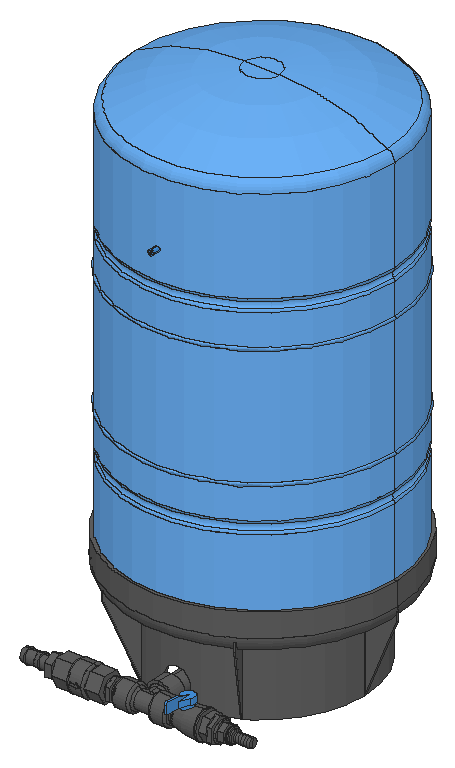
Revit family "QF-Buffer_Tank-OptiPure-16G BUFF_HF_.5IN OUT", category Specialty Equipment, Revit 2017
Family settings
  Round Connector Dimension = Use Diameter
  Part Type = Normal
  OmniClass Number = 23.40.40.14
  OmniClass Title = Food Service Equipment
  Work Plane-Based = No
  Always vertical = Yes
  Cut with Voids When Loaded = No
  Shared = No
  Room Calculation Point = No
Parameters (values of type "16G BUFF-HF-.5 IN_OUT")
  Width = 15.62109"
  Valve Material = Plastic
  URL = "WWW.OPTIPUREWATER.COM"
  Model = "16G BUFF-HF-.5 IN_OUT"
  Material = Black Plastic
  Manufacturer = "OPTIPURE"
  Keynote = "11400"
  Height = 30.35156"
  Filtered Water Supply Size = 1/2"
  Filtered Water In = 0.375"
  Description = "BUFFER TANK"
  Length = 15.62109"
  Assembly Code = "E1090300"
Reference planes (in)
  plane 1 "Center (Front/Back)": y = 0
  plane 2: z = 0
  plane 3 "Center (Left/Right)": x = 0
  plane 4: y = -7.81055
  plane 5: x = 7.81055
  plane 6: x = -7.81055
  plane 7: z = 30.35156
  plane 8: y = 7.81055
  plane 9: y = -7.5007
Forms (in)
  Revolve 1, solid, material "Black Plastic" <- "Material"
    sketch origin (0, 0, 0) x (1, 0, 0) y (0, 0, 1)
      loop
        line (0, 30.35129) -> (-0.99796, 30.35129)
        arc (-0.99796, 30.35129) -> (-4.22906, 29.9436) -> (-7.25761, 28.74609) r 13.00769
        arc (-7.25761, 28.74609) -> (-7.52254, 28.47271) -> (-7.61914, 28.10449) r 0.75008
        line (-7.61914, 28.10449) -> (-7.61914, 22.70872)
        arc (-7.61914, 22.70872) -> (-7.60232, 22.62131) -> (-7.56059, 22.54269) r 0.3
        arc (-7.56059, 22.54269) -> (-7.49872, 22.35789) -> (-7.55552, 22.17147) r 0.32
        arc (-7.55552, 22.17147) -> (-7.60279, 22.08442) -> (-7.61914, 21.98673) r 0.3
        line (-7.61914, 21.98673) -> (-7.61914, 20.20325)
        arc (-7.61914, 20.20325) -> (-7.68165, 20.10352) -> (-7.61914, 20.00378) r 0.11081
        line (-7.61914, 20.00378) -> (-7.61914, 13.20391)
        arc (-7.61914, 13.20391) -> (-7.68165, 13.10417) -> (-7.61914, 13.00444) r 0.11081
        line (-7.61914, 13.00444) -> (-7.61914, 11.22344)
        arc (-7.61914, 11.22344) -> (-7.60232, 11.13603) -> (-7.56059, 11.0574) r 0.3
        arc (-7.56059, 11.0574) -> (-7.49872, 10.8726) -> (-7.55552, 10.68618) r 0.32
        arc (-7.55552, 10.68618) -> (-7.60279, 10.59914) -> (-7.61914, 10.50145) r 0.3
        line (-7.61914, 10.50145) -> (-7.61914, 6.60156) -> (0, 6.60156) -> (0, 30.35129)
      axis (0, 6.60156) -> (0, 30.35129)
    angle from 0 to 360
  Extrusion 2, solid, material "Black Plastic" <- "Material"
    sketch origin (0, 0, 0) x (1, 0, 0) y (0, 0, 1)
      loop
        line (-5.93055, 0) -> (-5.93055, 3.64063) -> (-7.32903, 4.42198)
        arc (-7.32903, 4.42198) -> (-7.60303, 4.65347) -> (-7.77039, 4.97073) r 0.94007
        line (-7.77039, 4.97073) -> (-7.77039, 4.46094) -> (-5.93055, 0)
    from -0.03125 to 0.03125
  Extrusion 3, solid, material "Black Plastic" <- "Material"
    sketch origin (0, 0, 0) x (-1, 0, 0) y (0, 0, -1)
      loop
        line (-5.93055, 0) -> (-7.77039, -4.46094) -> (-7.77039, -4.97073)
        arc (-7.77039, -4.97073) -> (-7.60303, -4.65347) -> (-7.32903, -4.42198) r 0.94007
        line (-7.32903, -4.42198) -> (-5.93055, -3.64063) -> (-5.93055, 0)
    from -0.03125 to 0.03125
  Extrusion 4, solid, material "Black Plastic" <- "Material"
    sketch origin (0, 0, 0) x (0.492682, 0.870209, 0) y (0, 0, 1)
      loop
        line (-5.93055, 0) -> (-5.93055, 3.64063) -> (-7.32903, 4.42198)
        arc (-7.32903, 4.42198) -> (-7.60303, 4.65347) -> (-7.77039, 4.97073) r 0.94007
        line (-7.77039, 4.97073) -> (-7.77039, 4.46094) -> (-5.93055, 0)
    from -0.03125 to 0.03125
  Extrusion 5, solid, material "Black Plastic" <- "Material"
    sketch origin (0, 0, 0) x (-0.492682, -0.870209, 0) y (0, 0, -1)
      loop
        line (-5.93055, 0) -> (-7.77039, -4.46094) -> (-7.77039, -4.97073)
        arc (-7.77039, -4.97073) -> (-7.60303, -4.65347) -> (-7.32903, -4.42198) r 0.94007
        line (-7.32903, -4.42198) -> (-5.93055, -3.64063) -> (-5.93055, 0)
    from -0.03125 to 0.03125
  Extrusion 6, solid, material "Black Plastic" <- "Material"
    sketch origin (0, 0, 0) x (0.492682, -0.870209, 0) y (0, 0, 1)
      loop
        line (-5.93055, 0) -> (-5.93055, 3.64063) -> (-7.32903, 4.42198)
        arc (-7.32903, 4.42198) -> (-7.60303, 4.65347) -> (-7.77039, 4.97073) r 0.94007
        line (-7.77039, 4.97073) -> (-7.77039, 4.46094) -> (-5.93055, 0)
    from -0.03125 to 0.03125
  Extrusion 7, solid, material "Black Plastic" <- "Material"
    sketch origin (0, 0, 0) x (-0.492682, 0.870209, 0) y (0, 0, -1)
      loop
        line (-5.93055, 0) -> (-7.77039, -4.46094) -> (-7.77039, -4.97073)
        arc (-7.77039, -4.97073) -> (-7.60303, -4.65347) -> (-7.32903, -4.42198) r 0.94007
        line (-7.32903, -4.42198) -> (-5.93055, -3.64063) -> (-5.93055, 0)
    from -0.03125 to 0.03125
  Extrusion 8, solid, material "Plastic" <- "Valve Material"
    sketch origin (12.81055, -7.61914, 48) x (1, 0, 0) y (0, 0, 1)
      loop
        circle (-12.81055, -23.64844) r 0.15
      loop
        circle (-12.81055, -23.64844) r 0.1
    from -0.03148 to 0.42188
  Revolve 9, solid, material "Black Plastic" <- "Material"
    sketch origin (12.10609, -8.00055, 47.02) x (1, 0, 0) y (0, 0, 1)
      loop
        line (-6.24055, -46) -> (-6.24055, -45.76) -> (-6.4007, -45.74) -> (-6.4007, -45.77125) -> (-6.56086, -45.74) -> (-6.56086, -45.77125) -> (-6.72102, -45.74) -> (-6.72102, -45.77125) -> (-6.88117, -45.74) -> (-6.88117, -45.77125) -> (-7.04055, -45.74) -> (-7.04055, -45.77125) -> (-7.21242, -45.77125) -> (-7.21242, -45.64844) -> (-7.34133, -45.64844) -> (-7.34133, -45.57031) -> (-7.41945, -45.57031) -> (-7.41945, -45.67969) -> (-7.45852, -45.67969) -> (-7.45852, -45.57031) -> (-7.56008, -45.57031) -> (-7.56008, -46) -> (-6.24055, -46)
      loop
        line (-7.95852, -46) -> (-7.95852, -45.46289)
        arc (-7.95852, -45.46289) -> (-7.97739, -45.41732) -> (-8.02297, -45.39844) r 0.06445
        line (-8.02297, -45.39844) -> (-8.08742, -45.39844) -> (-8.08742, -46) -> (-7.95852, -46)
      loop
        line (-9.01711, -46) -> (-9.01711, -45.17969)
        arc (-9.01711, -45.17969) -> (-9.75177, -45.24065) -> (-10.46633, -45.42188) r 4.45706
        line (-10.46633, -45.42188) -> (-10.53664, -45.42188) -> (-10.53664, -45.48047) -> (-10.73586, -45.48047) -> (-10.73586, -45.36523)
        arc (-10.73586, -45.36523) -> (-10.77212, -45.28626) -> (-10.85109, -45.25) r 0.125
        line (-10.85109, -45.25) -> (-11.61086, -45.25)
        arc (-11.61086, -45.25) -> (-11.69925, -45.28661) -> (-11.73586, -45.375) r 0.125
        arc (-11.73586, -45.375) -> (-11.77247, -45.46339) -> (-11.86086, -45.5) r 0.125
        line (-11.86086, -45.5) -> (-12.71242, -45.5)
        arc (-12.71242, -45.5) -> (-12.80081, -45.46339) -> (-12.83742, -45.375) r 0.125
        arc (-12.83742, -45.375) -> (-12.87403, -45.28661) -> (-12.96242, -45.25) r 0.125
        line (-12.96242, -45.25) -> (-13.72219, -45.25)
        arc (-13.72219, -45.25) -> (-13.80116, -45.28626) -> (-13.83742, -45.36523) r 0.125
        line (-13.83742, -45.36523) -> (-13.83742, -45.46875) -> (-14.03664, -45.46094) -> (-14.03664, -46) -> (-9.01711, -46)
      loop
        line (-19.38055, -45.62891) -> (-19.38055, -46) -> (-17.77898, -46) -> (-17.77898, -45.57813)
        arc (-17.77898, -45.57813) -> (-17.79386, -45.61403) -> (-17.82977, -45.62891) r 0.05078
        line (-17.82977, -45.62891) -> (-18.32977, -45.62891) -> (-18.32977, -45.57813) -> (-18.57977, -45.62891) -> (-19.13055, -45.62891) -> (-19.13055, -45.57813) -> (-19.38055, -45.62891)
      loop
        line (-17.40008, -45.46875) -> (-17.40008, -46) -> (-17.20086, -46) -> (-17.20086, -45.46875) -> (-17.40008, -45.46875)
      loop
        line (-16.32977, -45.24609) -> (-16.32977, -46) -> (-15.32977, -46) -> (-15.32977, -45.24609)
        arc (-15.32977, -45.24609) -> (-15.36638, -45.15771) -> (-15.45477, -45.12109) r 0.125
        line (-15.45477, -45.12109) -> (-16.20477, -45.12109)
        arc (-16.20477, -45.12109) -> (-16.29315, -45.15771) -> (-16.32977, -45.24609) r 0.125
      loop
        line (-14.45867, -45.46875) -> (-14.45867, -46) -> (-14.25945, -46) -> (-14.25945, -45.46094) -> (-14.45867, -45.46875)
      axis (-19.38055, -46) -> (-6.24055, -46)
    angle from 0 to 360
  Extrusion 10, solid, material "Black Plastic" <- "Material"
    sketch origin (4.54602, -8.00055, 1.02) x (0, 0, 1) y (0, 1, 0)
      loop
        line (0.53, 0) -> (0.265, 0.45899) -> (-0.265, 0.45899) -> (-0.53, 0) -> (-0.265, -0.45899) -> (0.265, -0.45899) -> (0.53, 0)
    from 0 to 0.39844
  Extrusion 11, solid, material "Black Plastic" <- "Material"
    sketch origin (4.01867, -8.00055, 1.02) x (0, 0, 1) y (0, 1, 0)
      loop
        line (0.75, 0) -> (0.375, 0.64952) -> (-0.375, 0.64952) -> (-0.75, 0) -> (-0.375, -0.64952) -> (0.375, -0.64952) -> (0.75, 0)
    from 0 to 0.28125
  Extrusion 12, solid, material "Black Plastic" <- "Material"
    sketch origin (3.73742, -8.00055, 1.02) x (0, 0, 1) y (0, 1, 0)
      loop
        line (0, -0.74) -> (0.64086, -0.37) -> (0.64086, 0.37) -> (0, 0.74) -> (-0.64086, 0.37) -> (-0.64086, -0.37) -> (0, -0.74)
    from 0 to 0.5
  Extrusion 13, solid, material "Black Plastic" <- "Material"
    sketch origin (3.23742, -8.00055, 1.02) x (0, 0, 1) y (0, 1, 0)
      loop
        circle (0, 0) r 0.81
    from 0 to 0.14844
  Extrusion 14, solid, material "Black Plastic" <- "Material"
    sketch origin (-5.29398, -8.00055, 1.02) x (0, 0, 1) y (0, 1, 0)
      loop
        line (0.34641, 0.6) -> (-0.34641, 0.6) -> (-0.69282, 0) -> (-0.34641, -0.6) -> (0.34641, -0.6) -> (0.69282, 0) -> (0.34641, 0.6)
    from 0 to 0.37891
  Extrusion 15, solid, material "Black Plastic" <- "Material"
    sketch origin (-5.09477, -8.00055, 1.02) x (0, 1, 0) y (0, 0, 1)
      loop
        line (-0.42147, 0.73) -> (-0.84293, 0) -> (-0.42147, -0.73) -> (0.42147, -0.73) -> (0.84293, 0) -> (0.42147, 0.73) -> (-0.42147, 0.73)
    from 0 to 0.87111
  Extrusion 16, solid, material "Black Plastic" <- "Material"
    sketch origin (-3.22369, -8.00055, 1.02) x (0, 1, 0) y (0, 0, 1)
      loop
        line (-0.42147, 0.73) -> (-0.84293, 0) -> (-0.42147, -0.73) -> (0.42147, -0.73) -> (0.84293, 0) -> (0.42147, 0.73) -> (-0.42147, 0.73)
    from 0 to 0.87111
  Extrusion 17, solid, material "Black Plastic" <- "Material"
    sketch origin (-1.93055, -8.00055, 1.02) x (0, 0, 1) y (0, 1, 0)
      loop
        line (0.34641, 0.6) -> (-0.34641, 0.6) -> (-0.69282, 0) -> (-0.34641, -0.6) -> (0.34641, -0.6) -> (0.69282, 0) -> (0.34641, 0.6)
    from 0 to 0.22281
  Revolve 18, solid, material "Black Plastic" <- "Material"
    sketch origin (-0.18055, -180, 1.02) x (0, 0, -1) y (0, -1, 0)
      loop
        line (0, -180) -> (0, -171.99945) -> (-0.46875, -171.99945) -> (-0.46875, -172.64367)
        arc (-0.46875, -172.64367) -> (-0.50422, -172.7293) -> (-0.58984, -172.76477) r 0.12109
        line (-0.58984, -172.76477) -> (-0.75, -172.76477) -> (-0.75, -173.67883) -> (-0.52875, -173.67883) -> (-0.52875, -173.78039)
        arc (-0.52875, -173.78039) -> (-0.54486, -173.78938) -> (-0.56, -173.79992) r 0.18665
        line (-0.56, -173.79992) -> (-0.56, -180) -> (0, -180)
      axis (0, -180) -> (0, -171.99945)
    angle from 0 to 360
  Revolve 19, solid, material "Black Plastic" <- "Material"
    sketch origin (0, 0, 0) x (1, 0, 0) y (0, 0, 1)
      loop
        line (0, 6.60156) -> (-7.81058, 6.60156) -> (-7.81058, 5.24265)
        arc (-7.81058, 5.24265) -> (-7.6813, 4.76689) -> (-7.32903, 4.42198) r 0.94007
        line (-7.32903, 4.42198) -> (-5.93055, 3.64063) -> (-5.93055, 0) -> (-5.78211, 0) -> (-5.78211, 3.64063) -> (0, 3.64063) -> (0, 6.60156)
      axis (0, 6.60156) -> (0, 0)
    angle from 0 to 360
  Extrusion 20, solid, material "Black Plastic" <- "Material"
    sketch origin (-3.35498, -8.87937, 47.02) x (1, 0, 0) y (0, 0, 1)
      loop
        line (-0.64369, -45.925) -> (-0.64369, -46.075) -> (-0.28369, -46.075) -> (-0.28369, -46.155) -> (-0.09369, -46) -> (-0.28369, -45.845) -> (-0.28369, -45.925) -> (-0.64369, -45.925)
    from -0.0162 to 0.01172
  Extrusion 21, solid, material "Plastic" <- "Valve Material"
    sketch origin (5.86555, -180, 1.02) x (0, -1, 0) y (-1, 0, 0)
      loop
        circle (-171.99945, 3.755) r 0.39
    from 0 to -0.85938
  Extrusion 22, solid, material "Plastic" <- "Valve Material"
    sketch origin (5.86555, -180, 1.87937) x (0, -1, 0) y (1, 0, 0)
      loop
        line (-171.19867, -3.815) -> (-171.19867, -3.695) -> (-171.73719, -3.46635)
        arc (-171.73719, -3.46635) -> (-172.38945, -3.755) -> (-171.73719, -4.04365) r 0.39
        line (-171.73719, -4.04365) -> (-171.19867, -3.815)
    from 0 to 0.32813
  Extrusion 23, solid, material "Plastic" <- "Valve Material"
    sketch origin (2.11055, 0, 47.02) x (0, 1, 0) y (0, 0, 1)
      loop
        line (-8.80133, -45.14063) -> (-8.80133, -44.8125) -> (-8.00055, -44.8125)
        arc (-8.00055, -44.8125) -> (-8.72276, -44.58687) -> (-9.47555, -44.51063) r 3.75446
        arc (-9.47555, -44.51063) -> (-9.56394, -44.54724) -> (-9.60055, -44.63563) r 0.125
        line (-9.60055, -44.63563) -> (-9.60055, -45.14063) -> (-8.80133, -45.14063)
    from -0.06 to 0.06
  Extrusion 24, void
    sketch origin (12.81055, -8.00055, 48) x (1, 0, 0) y (0, 0, 1)
      loop
        line (-13.74109, -48) -> (-12.24109, -48) -> (-12.24109, -46.75)
        arc (-12.24109, -46.75) -> (-12.99109, -46) -> (-13.74109, -46.75) r 0.75
        line (-13.74109, -46.75) -> (-13.74109, -48)
    from -2.648 to -1.67938
  Extrusion 25, solid, material "Black Plastic" <- "Material"
    sketch origin (0, 0, 0) x (1, 0, 0) y (0, 1, 0)
      loop
        circle (-0.18055, 0) r 0.56
    from 1.02 to 3.64063
  Revolve 26, solid, material "Black Plastic" <- "Material"
    sketch origin (-0.18055, 0, 48) x (0, -1, 0) y (0, 0, 1)
      loop
        line (0, -47.54) -> (0, -46.98) -> (-0.56, -46.98)
        arc (-0.56, -46.98) -> (-0.39598, -47.37598) -> (0, -47.54) r 0.56
      axis (0, -47.54) -> (0, -46.98)
    angle from -90 to 90
Cuts and joins
  Extrusion 24 cuts Revolve 9
  Extrusion 24 cuts Revolve 19
  Extrusion 24 cuts Extrusion 20
  joined: Revolve 9, Revolve 18, Revolve 19, Extrusion 20, Extrusion 25, Revolve 26
  joined: Extrusion 21, Extrusion 22, Extrusion 23
Dimensions and locks (in)
  plane 6 to plane 5 = 15.62109"
  plane 7 to plane 2 = 30.35156"
  aligned and locked: level to plane 2
Connectors (in)
  piping at (5.86555, -8.00055, 1.02), diameter 0.5, driven by "Filtered Water Supply Size"
    settings: on Revolve 9, index 1, connector inside diameter 24", connector length 0.00", flow factor 0, pipe flow 0 GPM, pressure drop 0.00 psi, fitting loss kfactor 0, connector angle 0.00°, fixture units 0, engagement length 0.00", angle of deflection 0.00°, flow configuration 2, flow direction 2, fitting loss method 0, system type 22, joint type 0, gender type 0, connector reference index -1, connector utility 0, adjustable connector no, is connector primary yes, connector description "Out"
  piping at (-7.27445, -8.00055, 1.02), diameter 0.375, driven by "Filtered Water In"
    settings: on cut or joined group of Revolve 9, Revolve 18, Revolve 19, Extrusion 20, Extrusion 24, Extrusion 25, Revolve 26, index 2, connector inside diameter 24", connector length 0.00", flow factor 0, pipe flow 0 GPM, pressure drop 0.00 psi, fitting loss kfactor 0, connector angle 0.00°, fixture units 0, engagement length 0.00", angle of deflection 0.00°, flow configuration 2, flow direction 1, fitting loss method 0, system type 22, joint type 0, gender type 0, connector reference index -1, connector utility 0, adjustable connector no, is connector primary no, connector description "In"
